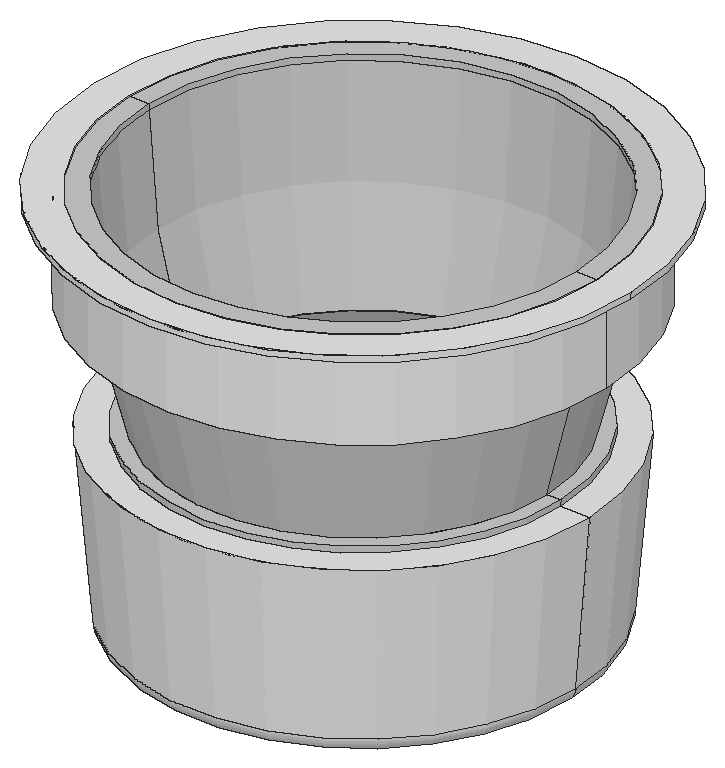
Revit family "2059370 Lighting Fixture_Sylvania_Ascent 150 II Round_Ceiling Recessed", category Lighting Fixtures, host Face, Revit 2017
Family settings
  Host = Face
  Round Connector Dimension = Use Diameter
  Part Type = Normal
  OmniClass Number = 23.80.70.11.17
  OmniClass Title = Specialized Lighting by Location or Use
  Cut with Voids When Loaded = No
  Light Source = Yes
  Shared = No
  Room Calculation Point = No
Parameters (values of type "ASCENT 150 II 3400 4K STD EM")
  Upper Body Radius = Radius - 14.5 mm  # 80.0 mm
  Upper Body Material = Metal_Sylvania_Ascent 150 II_Black
  Ring Outer Diameter = Diameter - 17.0 mm  # 172.0 mm
  Ring Inner Diameter = Ring Outer Diameter - 4.0 mm  # 168.0 mm
  Reflector Material = Metal_Sylvania_Ascent 150 II_Polished
  Recessed Depth = 142.0 mm
  Radius = Diameter / 2  # 94.5 mm
  Light Emit  Diameter = Diameter - 38.0 mm  # 151.0 mm
  LOR = "100%"  # constant formula
  Inrush Current (max. quantity per 16A C breaker) = "80"  # constant formula
  Inner Reflector Radius = Inner Radius - 19.5 mm  # 63.0 mm
  Inner Radius = Inner Diameter / 2  # 82.5 mm
  Inner Diameter = Diameter - 24.0 mm  # 165.0 mm
  IP Rating = "IP44"  # constant formula
  IK Rating = "IK02"  # constant formula
  Glow Wire Test = 650 °C  # constant formula
  Energy Class = "A++,A+,A"  # constant formula
  Weight = 2.45 kg
  Wattage = 3.42276 W
  built-in parameter 1150110 = 1 (stored number, unit not read)
  Voltage Comments = "UNV (Universal Voltage; 220-240 Volt)"  # constant formula
  Voltage = 230 V  # constant formula
  URL = "https://www.sylvania-lighting.com"
  built-in parameter 1114217 = 1 (stored number, unit not read)
  Tilt Angle = -90°
  built-in parameter 1150109 = 1 (stored number, unit not read)
  built-in parameter 1150134 = 12
  built-in parameter 1150113 = 1 (stored number, unit not read)
  Product Page URL = "https://www.sylvania-lighting.com/product/en-int/products/2059370"
  Product Family = "ASCENT 150 II ROUND"  # constant formula
  Photometry Comments = ""
  Photometric Web File = "2059370_ASCENT150II34004KSTDEM-206528.ies"
  Life = "50 000 h"  # constant formula
  Emit from Circle Diameter = Light Emit  Diameter  # 151.0 mm
  Emit Shape Visible in Rendering = no
  Emergency duration (h) = "N/A"
  Electrical Protection = "Class II"  # constant formula
  Drive Current = "1000mA"  # constant formula
  Distribution type = "Direct"  # constant formula
  Diffuser Material = Glass_Sylvania_Ascent 150 II_Clear_4000K
  Diameter = 189.0 mm
  Cutout Diameter = Diameter - 13.0 mm  # 176.0 mm
  Colour consistency (SDCM) = "3 step"  # constant formula
  built-in parameter 1114216 [instance] = 1 (stored number, unit not read)
  Model = "ASCENT 150 II 3400 4K STD EM"
  Manufacturer = "Feilo Sylvania"
  built-in parameter 1150105 = 253.56 (stored number, unit not read)
  Lumens = 421 lm
  built-in parameter 1150115 = 1 (stored number, unit not read)
  built-in parameter 1150137 = (empty or 0)
  built-in parameter 1150139 = (empty or 0)
  built-in parameter 1150112 = 1 (stored number, unit not read)
  built-in parameter 1150114 = 1 (stored number, unit not read)
  Lamp Comments = "Integrated LED"  # constant formula
  Lamp = "LED"  # constant formula
  built-in parameter 1150132 = 2
  built-in parameter 1150102 = (empty or 0)
  built-in parameter 1150107 = 4000 (stored number, unit not read)
  built-in parameter 1150138 = (empty or 0)
  built-in parameter 1150106 = 2.5356 (stored number, unit not read)
  built-in parameter 1150104 = 11.427 (stored number, unit not read)
  Dimming Lamp Color Temperature Shift = <None>
  Description = "A very high efficient round downlight up to 127lm/W Long life >50,000hrs 4,000K and 3,000K CCT and CRI Ra85 IP44 rated for wet areas and bathrooms UGR <19 version for offices to comply with EN12464-1 Wide selection of decorative accessories"  # constant formula
  Default Elevation = 0.0 mm
  Color Filter = 16777215
  Catalog Number = "2059370 ASCENT 150 II 3400 4K STD EM"
  built-in parameter 1140040 [instance] = 1
  CRI (Ra) = ">80"  # constant formula
  built-in parameter 1114218 = 1 (stored number, unit not read)
  built-in parameter 1150133 = 10 (stored number, unit not read)
  Assembly Code = "D5020200"
  Apparent Load Comments = ""
  Apparent Load = 32 VA
  Accessory Material = Aluminum_Sylvania_Ascent 150 II_White
Reference planes
  plane 1 "Center (Front/Back)": y = 0
  plane 2: z = 0
  plane 3 "Center (Left/Right)": x = 0
  plane 4: z = 2
  plane 5: z = -74
  plane 6 "Fixture Top": z = -140
  plane 7: z = -31
  plane 8: z = -72
  plane 9: z = -62.037
Forms (mm)
  Extrusion 1, solid, material "Aluminum_Sylvania_Ascent 150 II_White" <- "Accessory Material", detail levels fine
    sketch origin (0, 0, 0) x (1, 0, 0) y (0, 1, 0)
      loop
        circle (0, 0) r 94.5
      loop
        circle (0, 0) r 82.5
    from 0 to 2
  Extrusion 2, void
    sketch origin (0, 0, 0) x (1, 0, 0) y (0, 1, 0)
      loop
        circle (0, 0) r 88
    from -140 to 2
  Revolve 3, solid, material "Metal_Sylvania_Ascent 150 II_Polished" <- "Reflector Material", detail levels fine
    sketch origin (0, 0, 0) x (1, 0, 0) y (0, 0, 1)
      loop
        line (-82.5, 0) -> (-77.5, 0)
        arc (-77.5, 0) -> (-74.352, -36.539) -> (-65, -72) r 213.61
        line (-65, -72) -> (-70, -72) -> (-70, -74) -> (0, -74) -> (0, -72) -> (-63, -72)
        arc (-63, -72) -> (-72.352, -36.539) -> (-75.5, 0) r 213.61
        line (-75.5, 0) -> (-75.5, 2) -> (-82.5, 2) -> (-82.5, 0)
      axis (0, 2) -> (0, -74)
    angle from 0 to 360
  Extrusion 4, solid, material "Aluminum_Sylvania_Ascent 150 II_White" <- "Accessory Material", detail levels fine
    sketch origin (0, 0, 0) x (1, 0, 0) y (0, 1, 0)
      loop
        circle (0, 0) r 86
      loop
        circle (0, 0) r 84
    from -31 to 0
  Revolve 5, solid, material "Glass_Sylvania_Ascent 150 II_Clear_4000K" <- "Diffuser Material", detail levels fine
    sketch origin (0, 0, 0) x (1, 0, 0) y (0, 0, 1)
      loop
        line (-63, -72) -> (0, -72) -> (0, -62.037)
        arc (0, -62.037) -> (-31.891, -64.543) -> (-63, -72) r 204.163
      axis (0, -62.037) -> (0, -72)
    angle from 0 to 360
  Revolve 6, solid, material "Metal_Sylvania_Ascent 150 II_Black" <- "Upper Body Material", detail levels fine
    sketch origin (0, 0, 0) x (1, 0, 0) y (0, 0, 1)
      loop
        line (0, -74) -> (-80, -74) -> (-75.107, -129.929)
        arc (-75.107, -129.929) -> (-73.452, -133.536) -> (-69.924, -135.353) r 6.079
        arc (-69.924, -135.353) -> (-35.039, -138.837) -> (0, -140) r 528.435
        line (0, -140) -> (0, -74)
      axis (0, -74) -> (0, -140)
    angle from 0 to 360
  Revolve 7, solid, material "Aluminum_Sylvania_Ascent 150 II_White" <- "Accessory Material", detail levels coarse+medium
    sketch origin (0, 0, 0) x (1, 0, 0) y (0, 0, 1)
      loop
        arc (-69.924, -135.353) -> (-35.039, -138.837) -> (0, -140) r 528.435
        line (0, -140) -> (0, 2) -> (-94.5, 2) -> (-94.5, 0) -> (-86, 0) -> (-86, -31)
        arc (-86, -31) -> (-84.493, -52.708) -> (-80, -74) r 157.083
        line (-80, -74) -> (-75.107, -129.929)
        arc (-75.107, -129.929) -> (-73.452, -133.536) -> (-69.924, -135.353) r 6.079
      axis (0, 2) -> (0, -140)
    angle from 0 to 360
Cuts and joins
  joined: Extrusion 1, Extrusion 4
Lines and regions (mm)
  Masking region 1
    outline origin (0, 0, 0) x (1, 0, 0) y (0, 1, 0)
      loop
        circle (0, 0) r 94.5
  symbolic lines, detail levels fine
    curve 1: arc (-75.5, 0, 0) -> (0, 75.5, 0) -> (75.5, 0, 0) r 75.5
    curve 2: arc (75.5, 0, 0) -> (0, -75.5, 0) -> (-75.5, 0, 0) r 75.5
Dimensions and locks
  plane 4 to plane 2 to plane 7 to plane 9 to plane 8 to plane 5 = 2.0 mm locked, 31.0 mm locked, 31.037 mm locked, 9.963 mm locked, 2.0 mm locked
  "Inner Radius": plane 3 "Center (Left/Right)" to Revolve 3 sketch curve
  locked: Revolve 3 sketch curve to Revolve 3 sketch curve at 7
  Revolve 3 sketch curve to Revolve 3 sketch curve to Revolve 3 sketch curve to Revolve 3 sketch curve = 2.0 mm locked, 5.0 mm locked, 12.5 mm locked
  "Inner Reflector Radius": Revolve 5 sketch curve to imposter light
  Revolve 6 sketch curve to Revolve 6 sketch curve to plane 6 "Fixture Top" = 5.424 mm locked, 4.647 mm locked
  "Recessed Depth": plane 4 to plane 6 "Fixture Top"
  "Upper Body Radius": plane 3 "Center (Left/Right)" to Revolve 6 sketch curve
  Revolve 6 sketch curve to Revolve 6 sketch curve to Revolve 6 sketch curve = 4.893 mm locked, 5.183 mm locked
  Revolve 7 sketch curve to Revolve 7 sketch curve to plane 6 "Fixture Top" = 5.424 mm locked, 4.647 mm locked
  Revolve 7 sketch curve to Revolve 7 sketch curve to Revolve 7 sketch curve to Revolve 7 sketch curve to Revolve 7 sketch curve = 8.5 mm locked, 6.0 mm locked, 4.893 mm locked, 5.183 mm locked
  "Radius": plane 3 "Center (Left/Right)" to Revolve 7 sketch curve
  "Diameter": diameter of Extrusion 1 sketch curve
  "Inner Diameter": diameter of Extrusion 1 sketch curve
  "Cutout Diameter": diameter of Extrusion 2 sketch curve
  "Ring Outer Diameter": diameter of Extrusion 4 sketch curve
  "Ring Inner Diameter": diameter of Extrusion 4 sketch curve
  aligned and locked: plane 2 to host face
  aligned and locked: level to host face
  aligned and locked: imposter light to plane 3 "Center (Left/Right)"
  aligned and locked: imposter light to plane 1 "Center (Front/Back)"
  aligned and locked: Extrusion 1 to plane 2
  aligned and locked: plane 4 to Extrusion 1
  aligned and locked: imposter light to plane 4
  aligned and locked: imposter light to Revolve 3 sketch curve
  aligned and locked: Revolve 3 sketch curve to imposter light
  aligned and locked: Revolve 3 sketch curve to plane 2
  aligned and locked: Revolve 3 sketch curve to Revolve 3 sketch curve
  aligned and locked: plane 5 to Revolve 3 sketch curve
  aligned and locked: Extrusion 4 to plane 7
  aligned and locked: Revolve 3 sketch curve to plane 8
  aligned and locked: Revolve 5 sketch curve to plane 8
  aligned and locked: imposter light to Revolve 5 sketch curve  (x2)
  aligned and locked: imposter light to Revolve 6 sketch curve  (x2)
  aligned and locked: plane 5 to Revolve 6 sketch curve
  aligned and locked: plane 6 "Fixture Top" to Revolve 6 sketch curve
  aligned and locked: Revolve 7 sketch curve to plane 2
  aligned and locked: plane 4 to Revolve 7 sketch curve
  aligned and locked: plane 7 to Revolve 7 sketch curve
  aligned and locked: imposter light to Extrusion 2
  aligned and locked: Extrusion 2 to plane 6 "Fixture Top"
  aligned and locked: Masking region 1 sketch curve to Revolve 7  (x2)
  aligned and locked: curve 1 to Revolve 3
  aligned and locked: curve 2 to Revolve 3
Automatic sketch dimensions
  host sketch curve to host sketch curve = 1040.406 mm
  host sketch curve to host sketch curve = 988.385 mm
  Extrusion 1 sketch curve to Extrusion 1 sketch curve = 0.0 mm  (x2)
  plane 1 "Center (Front/Back)" to Extrusion 1 sketch curve = 0.0 mm
  Extrusion 1 sketch curve to plane 3 "Center (Left/Right)" = 0.0 mm
  plane 1 "Center (Front/Back)" to Extrusion 2 sketch curve = 0.0 mm
  Extrusion 2 sketch curve to plane 3 "Center (Left/Right)" = 0.0 mm
  Revolve 3 sketch curve to plane 3 "Center (Left/Right)" = 0.0 mm
  Revolve 3 sketch curve to level = 0.0 mm
  Revolve 3 sketch curve to Revolve 3 sketch curve = 2.0 mm
  Revolve 3 sketch curve to plane 5 = 27.065 mm
  plane 4 to Revolve 3 sketch curve = 16.525 mm
  Extrusion 4 sketch curve to Extrusion 4 sketch curve = 0.0 mm  (x2)
  plane 1 "Center (Front/Back)" to Extrusion 4 sketch curve = 0.0 mm
  Extrusion 4 sketch curve to plane 3 "Center (Left/Right)" = 0.0 mm
  Revolve 5 sketch curve to plane 9 = 0.0 mm
  Revolve 5 sketch curve to plane 5 = 17.158 mm
  Revolve 5 sketch curve to plane 7 = 15.158 mm
  Revolve 6 sketch curve to plane 7 = 0.0 mm
  Revolve 6 sketch curve to Revolve 6 sketch curve = 6.05 mm
  Revolve 6 sketch curve to plane 6 "Fixture Top" = 26.0 mm
  Revolve 7 sketch curve to plane 3 "Center (Left/Right)" = 0.0 mm  (x2)
  Revolve 7 sketch curve to plane 6 "Fixture Top" = 0.0 mm
  Revolve 7 sketch curve to plane 5 = 0.0 mm
  Revolve 7 sketch curve to plane 7 = 0.0 mm
  Revolve 7 sketch curve to Revolve 7 sketch curve = 0.866 mm
  Revolve 7 sketch curve to Revolve 7 sketch curve = 26.0 mm
Connectors
  electrical at (0, 0, -140), driven by "Apparent Load", driven by "Voltage"
    settings: index 1, voltage 230 V, apparent load 0 VA, apparent load phase1 32 VA, apparent load phase2 0 VA, apparent load phase3 0 VA, power factor 1, load classification "Lighting", number of poles 1, system type 31, power factor state 1, is connector primary yes, connector utility no, sub classification motor no, connector description ""
